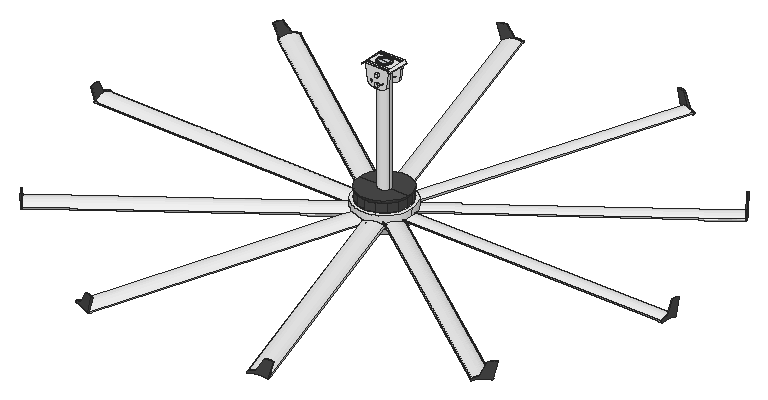
Revit family
Parameters
  Ceiling Mount Material = none
Reference planes (in)
  plane 1 "Center (Front/Back)": y = 15.04563
  plane 2: z = 0
  plane 3 "Center (Left/Right)": x = 0.10134
  plane 4: through (0.11293, 15.04563, -47.875) normal (-0.7071, 0.7071, 0)
  plane 5: through (0.11293, 15.04563, -47.875) normal (-0.7071, -0.7071, 0)
  plane 6: through (0.11293, 15.04563, -47.875) normal (0.7071, 0.7071, 0)
  plane 7: through (0.11293, 15.04563, -47.875) normal (0.7071, -0.7071, 0)
  plane 8: through (0.11293, 15.04563, -47.875) normal (-0.9239, 0.3827, 0)
  plane 9: through (0.11293, 15.04563, -47.875) normal (-0.9239, -0.3827, 0)
  plane 10: through (0.11293, 15.04563, -47.875) normal (0.9239, 0.3827, 0)
  plane 11: through (0.11293, 15.04563, -47.875) normal (0.9239, -0.3827, 0)
  plane 12: through (0.11293, 15.04563, -47.875) normal (-0.3827, 0.9239, 0)
  plane 13: through (0.11293, 15.04563, -47.875) normal (0.3827, 0.9239, 0)
  plane 14: through (0.11293, 15.04563, -47.875) normal (-0.3827, -0.9239, 0)
  plane 15: through (0.11293, 15.04563, -47.875) normal (0.3827, -0.9239, 0)
Forms (in)
  Revolve 1, solid, material <- "Ceiling Mount Material"
    sketch origin (0.11293, 15.04563, -96) x (1, 0, 0) y (0, 0, 1)
      loop
        line (0, 96) -> (-2.40625, 96) -> (-2.40625, 94.72313) -> (0, 93.60108) -> (0, 96)
      axis (0, 96) -> (0, 93.60108)
    angle from 0 to 360
  Extrusion 2, solid, material "Metal - Chrome"
    sketch origin (0.11293, 15.04563, -95.875) x (1, 0, 0) y (0, 1, 0)
      loop
        circle (0, 0) r 9.5
      loop
        circle (0, 0) r 8.5
    from 50.92047 to 53.3206
  Extrusion 3, solid, material "Metal - Chrome 3"
    sketch origin (0.11293, 15.04563, -95.875) x (1, 0, 0) y (0, 1, 0)
      loop
        circle (0, 0) r 7
      loop
        line (-8.21166, 0) -> (-7.00909, -2.90326) -> (-7.58658, -3.14246) -> (-5.36452, -5.36452) -> (-5.80652, -5.80652) -> (-2.90326, -7.00909) -> (-3.14246, -7.58658) -> (0, -7.58658) -> (0, -8.21166) -> (2.90326, -7.00909) -> (3.14246, -7.58658) -> (5.36452, -5.36452) -> (5.80652, -5.80652) -> (7.00909, -2.90326) -> (7.58658, -3.14246) -> (7.58658, 0) -> (8.21166, 0) -> (7.00909, 2.90326) -> (7.58658, 3.14246) -> (5.36452, 5.36452) -> (5.80652, 5.80652) -> (2.90326, 7.00909) -> (3.14246, 7.58658) -> (0, 7.58658) -> (0, 8.21166) -> (-2.90326, 7.00909) -> (-3.14246, 7.58658) -> (-5.36452, 5.36452) -> (-5.83363, 5.83363) -> (-7.00909, 2.90326) -> (-7.58658, 3.14246) -> (-7.58658, 0) -> (-8.21166, 0)
    from 53.3206 to 56.42047
  Revolve 4, solid, material "Metal - Chrome 1"
    sketch origin (0.11293, 15.04563, -95.875) x (1, 0, 0) y (0, 0, 1)
      loop
        arc (-9.5, 49.14541) -> (-5.43697, 45.34356) -> (-0.01159, 44.10761) r 10.65771
        line (-0.01159, 44.10761) -> (-0.01159, 49.14541) -> (-9.5, 49.14541)
      axis (0, 49.14541) -> (0, 44.10761)
    angle from 0 to 360
  Revolve 5, solid, material "Metal - Chrome 3"
    sketch origin (0.11293, 15.04563, -95.9375) x (1, 0, 0) y (0, 0, 1)
      loop
        line (-3.2881, 44.56611) -> (-3.2881, 44.37399) -> (-2.75325, 44.37399)
        arc (-2.75325, 44.37399) -> (-1.39585, 44.04374) -> (0, 43.98704) r 7.06499
        line (0, 43.98704) -> (0, 44.56611) -> (-3.2881, 44.56611)
      axis (0, 44.56611) -> (0, 43.98704)
    angle from 0 to 360
  Revolve 6, solid, material "Metal - Chrome 3"
    sketch origin (0.11293, 15.04563, -95.875) x (1, 0, 0) y (0, 0, 1)
      loop
        line (-8.0625, 56.47507) -> (0, 56.47507) -> (0, 57.12611) -> (-8.48529, 57.12611)
        arc (-8.48529, 57.12611) -> (-8.38748, 56.72683) -> (-8.0625, 56.47507) r 0.62391
      axis (0, 57.12611) -> (0, 56.47507)
    angle from 0 to 360
  Extrusion 7, solid, material "Metal - Chrome 2"
    sketch origin (0.11293, 15.04563, -96) x (1, 0, 0) y (0, 1, 0)
      loop
        circle (0, 0) r 2
      loop
        circle (0, 0) r 1.75
    from 53.3206 to 96
  Extrusion 8, solid, material "Metal - Chrome 2"
    sketch origin (0.11293, 15.04563, -96) x (1, 0, 0) y (0, 0, 1)
      loop
        line (-4.80927, 95.25058) -> (-4.63249, 95.0738) -> (-3.92538, 95.78091) -> (3.94629, 95.78091) -> (4.64295, 95.08425) -> (4.81972, 95.26103) -> (4.08075, 96) -> (-4.05984, 96) -> (-4.80927, 95.25058)
    from -3.60387 to 3.73167
  Extrusion 9, solid, material "Metal - Chrome 2"
    sketch origin (0.11293, 15.04563, -96) x (1, 0, 0) y (0, 0, 1)
      loop
        line (-3.97662, 96) -> (-3.97662, 94.75) -> (-3.37771, 89.87223)
        arc (-3.37771, 89.87223) -> (-0.00678, 88.52676) -> (3.36415, 89.87223) r 4.8955
        line (3.36415, 89.87223) -> (3.94303, 94.58682) -> (3.94303, 96) -> (-3.97662, 96)
      loop
        arc (-1.92245, 91.01505) -> (-2.32161, 90.98032) -> (-2.28376, 90.58144) r 0.28222
        arc (-2.28376, 90.58144) -> (0.0022, 89.65625) -> (2.28692, 90.58451) r 3.28125
        arc (2.28692, 90.58451) -> (2.31915, 90.9574) -> (1.95474, 91.04279) r 0.28596
        arc (1.95474, 91.04279) -> (0.02129, 90.31067) -> (-1.92245, 91.01505) r 2.97538
    from 2.4684 to 3.00597
  Extrusion 10, solid, material "Metal - Chrome 2"
    sketch origin (0.11293, 15.04563, -96) x (1, 0, 0) y (0, 0, 1)
      loop
        line (-3.97662, 96) -> (-3.97662, 94.75) -> (-3.37771, 89.87223)
        arc (-3.37771, 89.87223) -> (-0.00678, 88.52676) -> (3.36415, 89.87223) r 4.8955
        line (3.36415, 89.87223) -> (3.94303, 94.58682) -> (3.94303, 96) -> (-3.97662, 96)
      loop
        arc (-1.92245, 91.01505) -> (-2.32161, 90.98032) -> (-2.28376, 90.58144) r 0.28222
        arc (-2.28376, 90.58144) -> (0.0022, 89.65625) -> (2.28692, 90.58451) r 3.28125
        arc (2.28692, 90.58451) -> (2.31915, 90.9574) -> (1.95474, 91.04279) r 0.28596
        arc (1.95474, 91.04279) -> (0.02129, 90.31067) -> (-1.92245, 91.01505) r 2.97538
    from -2.96317 to -2.45815
  Extrusion 11, solid, material "Metal - Chrome 2"
    sketch origin (0.11293, 15.04563, -96) x (1, 0, 0) y (0, 0, 1)
      loop
        circle (0, 89.91168) r 0.60835
    from -3.36965 to -2.96317
  Extrusion 12, solid, material "Metal - Chrome 2"
    sketch origin (0.11293, 15.04563, -92.96875) x (1, 0, 0) y (0, 0, 1)
      loop
        circle (0, 89.91168) r 0.60835
    from -3.36965 to -2.96317
  Extrusion 13, solid, material "Metal - Chrome 2"
    sketch origin (0.11293, 15.04563, -92.96875) x (1, 0, 0) y (0, 0, 1)
      loop
        circle (0, 89.91168) r 0.60835
    from 3.00597 to 3.44198
  Extrusion 14, solid, material "Metal - Chrome 2"
    sketch origin (0.11293, 15.04563, -96) x (1, 0, 0) y (0, 0, 1)
      loop
        circle (0, 89.91168) r 0.60835
    from 3.00597 to 3.44198
  Extrusion 15, solid
    sketch origin (0.11293, 15.04563, -96) x (1, 0, 0) y (0, 0, 1)
      loop
        circle (0, 89.91168) r 0.25
    from -2.45815 to 2.4684
  Extrusion 16, solid
    sketch origin (0.11293, 15.04563, -92.96875) x (1, 0, 0) y (0, 0, 1)
      loop
        circle (0, 89.91168) r 0.25
    from -2.45815 to 2.4684
  Extrusion 17, solid, material "Metal - Chrome 2"
    sketch origin (-4.01473, -17.48317, -95.875) x (-0.007506, -0.999972, 0) y (0, 0, 1)
      loop
        arc (-29.27109, 49.75227) -> (-29.04889, 49.89467) -> (-29.10156, 50.15328) r 0.23339
        arc (-29.10156, 50.15328) -> (-31.98284, 51.54192) -> (-35.12337, 50.93595) r 5.08611
        arc (-35.12337, 50.93595) -> (-35.22188, 50.63788) -> (-34.93368, 50.51341) r 0.23249
        arc (-34.93368, 50.51341) -> (-32.0514, 50.51215) -> (-29.27109, 49.75227) r 10.85332
    from 3.88785 to 93.7806
  Extrusion 18, solid, material "Metal - Chrome 3"
    sketch origin (-27.53003, 15.51569, -95.875) x (0, -1, 0) y (0, 0, 1)
      loop
        arc (-0.58433, 51.5841) -> (-1.84289, 51.41328) -> (-3.01989, 50.93595) r 5.08611
        arc (-3.01989, 50.93595) -> (-3.1184, 50.63788) -> (-2.8302, 50.51341) r 0.23249
        arc (-2.8302, 50.51341) -> (0.05208, 50.51215) -> (2.83239, 49.75227) r 10.85332
        arc (2.83239, 49.75227) -> (3.03144, 49.85147) -> (3.02967, 50.07387) r 0.20994
        line (3.02967, 50.07387) -> (4.50284, 55.21142)
        arc (4.50284, 55.21142) -> (3.15266, 55.51968) -> (1.7679, 55.49887) r 5.79641
        line (1.7679, 55.49887) -> (-0.58433, 51.5841)
    from 70 to 70.35704
  Extrusion 19, solid, material "Metal - Chrome 2"
    sketch origin (-22.31268, -8.88503, -95.875) x (-0.592633, -0.805473, 0) y (0, 0, 1)
      loop
        arc (-29.27109, 49.75227) -> (-29.04889, 49.89467) -> (-29.10156, 50.15328) r 0.23339
        arc (-29.10156, 50.15328) -> (-31.98284, 51.54192) -> (-35.12337, 50.93595) r 5.08611
        arc (-35.12337, 50.93595) -> (-35.22188, 50.63788) -> (-34.93368, 50.51341) r 0.23249
        arc (-34.93368, 50.51341) -> (-32.0514, 50.51215) -> (-29.27109, 49.75227) r 10.85332
    from 3.88785 to 93.7806
  Extrusion 20, solid, material "Metal - Chrome 3"
    sketch origin (-22.00154, 31.63407, -95.875) x (-0.58657, -0.809898, 0) y (0, 0, 1)
      loop
        arc (-0.58433, 51.5841) -> (-1.84289, 51.41328) -> (-3.01989, 50.93595) r 5.08611
        arc (-3.01989, 50.93595) -> (-3.1184, 50.63788) -> (-2.8302, 50.51341) r 0.23249
        arc (-2.8302, 50.51341) -> (0.05208, 50.51215) -> (2.83239, 49.75227) r 10.85332
        arc (2.83239, 49.75227) -> (3.03144, 49.85147) -> (3.02967, 50.07387) r 0.20994
        line (3.02967, 50.07387) -> (4.50284, 55.21142)
        arc (4.50284, 55.21142) -> (3.15266, 55.51968) -> (1.7679, 55.49887) r 5.79641
        line (1.7679, 55.49887) -> (-0.58433, 51.5841)
    from 70 to 70.35704
  Extrusion 21, solid, material "Metal - Chrome 2"
    sketch origin (-32.08875, 8.81162, -95.875) x (-0.952439, -0.304731, 0) y (0, 0, 1)
      loop
        arc (-29.27109, 49.75227) -> (-29.04889, 49.89467) -> (-29.10156, 50.15328) r 0.23339
        arc (-29.10156, 50.15328) -> (-31.98284, 51.54192) -> (-35.12337, 50.93595) r 5.08611
        arc (-35.12337, 50.93595) -> (-35.22188, 50.63788) -> (-34.93368, 50.51341) r 0.23249
        arc (-34.93368, 50.51341) -> (-32.0514, 50.51215) -> (-29.27109, 49.75227) r 10.85332
    from 3.88785 to 93.7806
  Extrusion 22, solid, material "Metal - Chrome 3"
    sketch origin (-8.06946, 41.44547, -95.875) x (-0.950124, -0.311871, 0) y (0, 0, 1)
      loop
        arc (-0.58433, 51.5841) -> (-1.84289, 51.41328) -> (-3.01989, 50.93595) r 5.08611
        arc (-3.01989, 50.93595) -> (-3.1184, 50.63788) -> (-2.8302, 50.51341) r 0.23249
        arc (-2.8302, 50.51341) -> (0.05208, 50.51215) -> (2.83239, 49.75227) r 10.85332
        arc (2.83239, 49.75227) -> (3.03144, 49.85147) -> (3.02967, 50.07387) r 0.20994
        line (3.02967, 50.07387) -> (4.50284, 55.21142)
        arc (4.50284, 55.21142) -> (3.15266, 55.51968) -> (1.7679, 55.49887) r 5.79641
        line (1.7679, 55.49887) -> (-0.58433, 51.5841)
    from 70 to 70.35704
  Extrusion 23, solid, material "Metal - Chrome 2"
    sketch origin (-29.62605, 28.87846, -95.875) x (-0.950124, 0.311871, 0) y (0, 0, 1)
      loop
        arc (-29.27109, 49.75227) -> (-29.04889, 49.89467) -> (-29.10156, 50.15328) r 0.23339
        arc (-29.10156, 50.15328) -> (-31.98284, 51.54192) -> (-35.12337, 50.93595) r 5.08611
        arc (-35.12337, 50.93595) -> (-35.22188, 50.63788) -> (-34.93368, 50.51341) r 0.23249
        arc (-34.93368, 50.51341) -> (-32.0514, 50.51215) -> (-29.27109, 49.75227) r 10.85332
    from 3.88785 to 93.7806
  Extrusion 24, solid, material "Metal - Chrome 3"
    sketch origin (8.96917, 41.21957, -95.875) x (-0.952439, 0.304731, 0) y (0, 0, 1)
      loop
        arc (-0.58433, 51.5841) -> (-1.84289, 51.41328) -> (-3.01989, 50.93595) r 5.08611
        arc (-3.01989, 50.93595) -> (-3.1184, 50.63788) -> (-2.8302, 50.51341) r 0.23249
        arc (-2.8302, 50.51341) -> (0.05208, 50.51215) -> (2.83239, 49.75227) r 10.85332
        arc (2.83239, 49.75227) -> (3.03144, 49.85147) -> (3.02967, 50.07387) r 0.20994
        line (3.02967, 50.07387) -> (4.50284, 55.21142)
        arc (4.50284, 55.21142) -> (3.15266, 55.51968) -> (1.7679, 55.49887) r 5.79641
        line (1.7679, 55.49887) -> (-0.58433, 51.5841)
    from 70 to 70.35704
  Extrusion 25, solid, material "Metal - Chrome 2"
    sketch origin (-15.8609, 43.68602, -95.875) x (-0.58657, 0.809898, 0) y (0, 0, 1)
      loop
        arc (-29.27109, 49.75227) -> (-29.04889, 49.89467) -> (-29.10156, 50.15328) r 0.23339
        arc (-29.10156, 50.15328) -> (-31.98284, 51.54192) -> (-35.12337, 50.93595) r 5.08611
        arc (-35.12337, 50.93595) -> (-35.22188, 50.63788) -> (-34.93368, 50.51341) r 0.23249
        arc (-34.93368, 50.51341) -> (-32.0514, 50.51215) -> (-29.27109, 49.75227) r 10.85332
    from 3.88785 to 93.7806
  Extrusion 26, solid, material "Metal - Chrome 3"
    sketch origin (22.63624, 31.04226, -95.875) x (-0.592633, 0.805473, 0) y (0, 0, 1)
      loop
        arc (-0.58433, 51.5841) -> (-1.84289, 51.41328) -> (-3.01989, 50.93595) r 5.08611
        arc (-3.01989, 50.93595) -> (-3.1184, 50.63788) -> (-2.8302, 50.51341) r 0.23249
        arc (-2.8302, 50.51341) -> (0.05208, 50.51215) -> (2.83239, 49.75227) r 10.85332
        arc (2.83239, 49.75227) -> (3.03144, 49.85147) -> (3.02967, 50.07387) r 0.20994
        line (3.02967, 50.07387) -> (4.50284, 55.21142)
        arc (4.50284, 55.21142) -> (3.15266, 55.51968) -> (1.7679, 55.49887) r 5.79641
        line (1.7679, 55.49887) -> (-0.58433, 51.5841)
    from 70 to 70.35704
  Extrusion 27, solid, material "Metal - Chrome 2"
    sketch origin (3.97314, 47.60441, -95.875) x (0, 1, 0) y (0, 0, 1)
      loop
        arc (-29.27109, 49.75227) -> (-29.04889, 49.89467) -> (-29.10156, 50.15328) r 0.23339
        arc (-29.10156, 50.15328) -> (-31.98284, 51.54192) -> (-35.12337, 50.93595) r 5.08611
        arc (-35.12337, 50.93595) -> (-35.22188, 50.63788) -> (-34.93368, 50.51341) r 0.23249
        arc (-34.93368, 50.51341) -> (-32.0514, 50.51215) -> (-29.27109, 49.75227) r 10.85332
    from 3.88785 to 93.7806
  Extrusion 28, solid, material "Metal - Chrome 3"
    sketch origin (27.73546, 14.78298, -95.875) x (-0.007506, 0.999972, 0) y (0, 0, 1)
      loop
        arc (-0.58433, 51.5841) -> (-1.84289, 51.41328) -> (-3.01989, 50.93595) r 5.08611
        arc (-3.01989, 50.93595) -> (-3.1184, 50.63788) -> (-2.8302, 50.51341) r 0.23249
        arc (-2.8302, 50.51341) -> (0.05208, 50.51215) -> (2.83239, 49.75227) r 10.85332
        arc (2.83239, 49.75227) -> (3.03144, 49.85147) -> (3.02967, 50.07387) r 0.20994
        line (3.02967, 50.07387) -> (4.50284, 55.21142)
        arc (4.50284, 55.21142) -> (3.15266, 55.51968) -> (1.7679, 55.49887) r 5.79641
        line (1.7679, 55.49887) -> (-0.58433, 51.5841)
    from 70 to 70.35704
  Extrusion 29, solid, material "Metal - Chrome 2"
    sketch origin (22.33511, 39.14385, -95.875) x (0.58657, 0.809898, 0) y (0, 0, 1)
      loop
        arc (-29.27109, 49.75227) -> (-29.04889, 49.89467) -> (-29.10156, 50.15328) r 0.23339
        arc (-29.10156, 50.15328) -> (-31.98284, 51.54192) -> (-35.12337, 50.93595) r 5.08611
        arc (-35.12337, 50.93595) -> (-35.22188, 50.63788) -> (-34.93368, 50.51341) r 0.23249
        arc (-34.93368, 50.51341) -> (-32.0514, 50.51215) -> (-29.27109, 49.75227) r 10.85332
    from 3.88785 to 93.7806
  Extrusion 30, solid, material "Metal - Chrome 3"
    sketch origin (22.32811, -1.37644, -95.875) x (0.580475, 0.814278, 0) y (0, 0, 1)
      loop
        arc (-0.58433, 51.5841) -> (-1.84289, 51.41328) -> (-3.01989, 50.93595) r 5.08611
        arc (-3.01989, 50.93595) -> (-3.1184, 50.63788) -> (-2.8302, 50.51341) r 0.23249
        arc (-2.8302, 50.51341) -> (0.05208, 50.51215) -> (2.83239, 49.75227) r 10.85332
        arc (2.83239, 49.75227) -> (3.03144, 49.85147) -> (3.02967, 50.07387) r 0.20994
        line (3.02967, 50.07387) -> (4.50284, 55.21142)
        arc (4.50284, 55.21142) -> (3.15266, 55.51968) -> (1.7679, 55.49887) r 5.79641
        line (1.7679, 55.49887) -> (-0.58433, 51.5841)
    from 70 to 70.35704
  Extrusion 31, solid, material "Metal - Chrome 2"
    sketch origin (32.24374, 21.52108, -95.875) x (0.950124, 0.311871, 0) y (0, 0, 1)
      loop
        arc (-29.27109, 49.75227) -> (-29.04889, 49.89467) -> (-29.10156, 50.15328) r 0.23339
        arc (-29.10156, 50.15328) -> (-31.98284, 51.54192) -> (-35.12337, 50.93595) r 5.08611
        arc (-35.12337, 50.93595) -> (-35.22188, 50.63788) -> (-34.93368, 50.51341) r 0.23249
        arc (-34.93368, 50.51341) -> (-32.0514, 50.51215) -> (-29.27109, 49.75227) r 10.85332
    from 3.88785 to 93.7806
  Extrusion 32, solid, material "Metal - Chrome 3"
    sketch origin (8.47007, -11.29214, -95.875) x (0.947757, 0.318994, 0) y (0, 0, 1)
      loop
        arc (-0.58433, 51.5841) -> (-1.84289, 51.41328) -> (-3.01989, 50.93595) r 5.08611
        arc (-3.01989, 50.93595) -> (-3.1184, 50.63788) -> (-2.8302, 50.51341) r 0.23249
        arc (-2.8302, 50.51341) -> (0.05208, 50.51215) -> (2.83239, 49.75227) r 10.85332
        arc (2.83239, 49.75227) -> (3.03144, 49.85147) -> (3.02967, 50.07387) r 0.20994
        line (3.02967, 50.07387) -> (4.50284, 55.21142)
        arc (4.50284, 55.21142) -> (3.15266, 55.51968) -> (1.7679, 55.49887) r 5.79641
        line (1.7679, 55.49887) -> (-0.58433, 51.5841)
    from 70 to 70.35704
  Extrusion 33, solid, material "Metal - Chrome 2"
    sketch origin (29.93172, 1.43632, -95.875) x (0.952439, -0.304731, 0) y (0, 0, 1)
      loop
        arc (-29.27109, 49.75227) -> (-29.04889, 49.89467) -> (-29.10156, 50.15328) r 0.23339
        arc (-29.10156, 50.15328) -> (-31.98284, 51.54192) -> (-35.12337, 50.93595) r 5.08611
        arc (-35.12337, 50.93595) -> (-35.22188, 50.63788) -> (-34.93368, 50.51341) r 0.23249
        arc (-34.93368, 50.51341) -> (-32.0514, 50.51215) -> (-29.27109, 49.75227) r 10.85332
    from 3.88785 to 93.7806
  Extrusion 34, solid, material "Metal - Chrome 3"
    sketch origin (-8.56979, -11.19413, -95.875) x (0.954699, -0.297573, 0) y (0, 0, 1)
      loop
        arc (-0.58433, 51.5841) -> (-1.84289, 51.41328) -> (-3.01989, 50.93595) r 5.08611
        arc (-3.01989, 50.93595) -> (-3.1184, 50.63788) -> (-2.8302, 50.51341) r 0.23249
        arc (-2.8302, 50.51341) -> (0.05208, 50.51215) -> (2.83239, 49.75227) r 10.85332
        arc (2.83239, 49.75227) -> (3.03144, 49.85147) -> (3.02967, 50.07387) r 0.20994
        line (3.02967, 50.07387) -> (4.50284, 55.21142)
        arc (4.50284, 55.21142) -> (3.15266, 55.51968) -> (1.7679, 55.49887) r 5.79641
        line (1.7679, 55.49887) -> (-0.58433, 51.5841)
    from 70 to 70.35704
  Extrusion 35, solid, material "Metal - Chrome 2"
    sketch origin (16.2781, -13.47414, -95.875) x (0.592633, -0.805473, 0) y (0, 0, 1)
      loop
        arc (-29.27109, 49.75227) -> (-29.04889, 49.89467) -> (-29.10156, 50.15328) r 0.23339
        arc (-29.10156, 50.15328) -> (-31.98284, 51.54192) -> (-35.12337, 50.93595) r 5.08611
        arc (-35.12337, 50.93595) -> (-35.22188, 50.63788) -> (-34.93368, 50.51341) r 0.23249
        arc (-34.93368, 50.51341) -> (-32.0514, 50.51215) -> (-29.27109, 49.75227) r 10.85332
    from 3.88785 to 93.7806
  Extrusion 36, solid, material "Metal - Chrome 3"
    sketch origin (-22.31285, -1.11969, -95.875) x (0.598662, -0.801002, 0) y (0, 0, 1)
      loop
        arc (-0.58433, 51.5841) -> (-1.84289, 51.41328) -> (-3.01989, 50.93595) r 5.08611
        arc (-3.01989, 50.93595) -> (-3.1184, 50.63788) -> (-2.8302, 50.51341) r 0.23249
        arc (-2.8302, 50.51341) -> (0.05208, 50.51215) -> (2.83239, 49.75227) r 10.85332
        arc (2.83239, 49.75227) -> (3.03144, 49.85147) -> (3.02967, 50.07387) r 0.20994
        line (3.02967, 50.07387) -> (4.50284, 55.21142)
        arc (4.50284, 55.21142) -> (3.15266, 55.51968) -> (1.7679, 55.49887) r 5.79641
        line (1.7679, 55.49887) -> (-0.58433, 51.5841)
    from 70 to 70.35704
  Extrusion 37, solid, material "Metal - Chrome 3"
    sketch origin (0.11293, 15.04563, -97.625) x (1, 0, 0) y (0, 1, 0)
      loop
        circle (0, 0) r 9.5
      loop
        circle (0, 0) r 8.5
    from 50.89541 to 52.67047
  Extrusion 38, solid, material "Metal - Chrome 2", not visible
    sketch origin (-4.01473, -17.48317, -43.92454) x (-0.007506, -0.999972, 0) y (0, 0, 1)
      loop
        arc (-29.27109, 49.75227) -> (-29.04889, 49.89467) -> (-29.10156, 50.15328) r 0.23339
        arc (-29.10156, 50.15328) -> (-31.98284, 51.54192) -> (-35.12337, 50.93595) r 5.08611
        arc (-35.12337, 50.93595) -> (-35.22188, 50.63788) -> (-34.93368, 50.51341) r 0.23249
        arc (-34.93368, 50.51341) -> (-32.0514, 50.51215) -> (-29.27109, 49.75227) r 10.85332
    from 3.88785 to 93.7806
  Extrusion 39, solid, material "Metal - Chrome 3", not visible
    sketch origin (-27.53003, 15.51569, -43.92454) x (0, -1, 0) y (0, 0, 1)
      loop
        arc (-0.58433, 51.5841) -> (-1.84289, 51.41328) -> (-3.01989, 50.93595) r 5.08611
        arc (-3.01989, 50.93595) -> (-3.1184, 50.63788) -> (-2.8302, 50.51341) r 0.23249
        arc (-2.8302, 50.51341) -> (0.05208, 50.51215) -> (2.83239, 49.75227) r 10.85332
        arc (2.83239, 49.75227) -> (3.03144, 49.85147) -> (3.02967, 50.07387) r 0.20994
        line (3.02967, 50.07387) -> (4.50284, 55.21142)
        arc (4.50284, 55.21142) -> (3.15266, 55.51968) -> (1.7679, 55.49887) r 5.79641
        line (1.7679, 55.49887) -> (-0.58433, 51.5841)
    from 70 to 70.35704
Dimensions and locks (in)
  aligned and locked: plane 2 to level
Connectors (in)
  electrical at (0.12339, 14.98173, 0)
    settings: on Extrusion 8, index 1, voltage 0 V, apparent load 0 VA, apparent load phase1 0 VA, apparent load phase2 0 VA, apparent load phase3 0 VA, power factor 1, load classification "Other", number of poles 1, system type 31, power factor state 1, is connector primary yes, connector utility no, sub classification motor no, connector description ""
